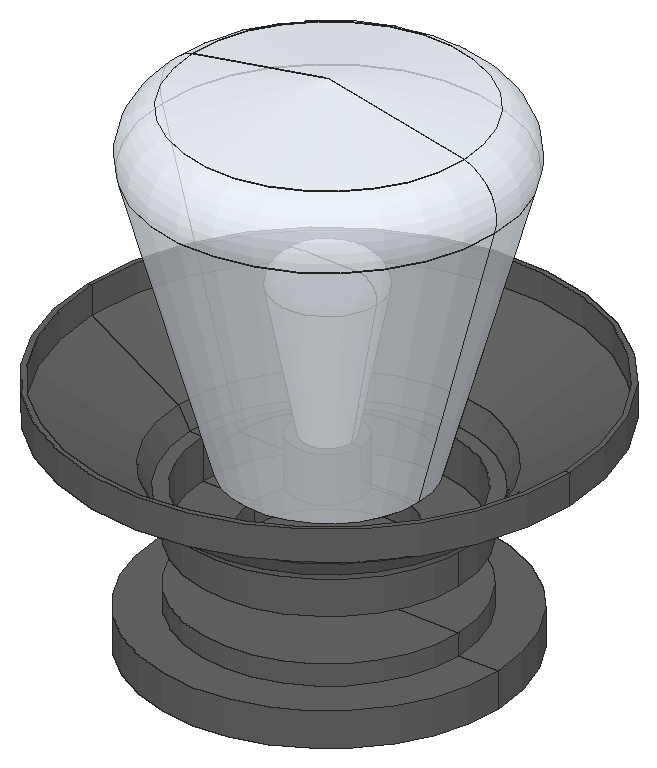
Revit family "P550094-031", category Lighting Fixtures, host Face, Revit 2021
Family settings
  Host = Face
  Round Connector Dimension = Use Diameter
  Part Type = Normal
  OmniClass Number = 23.80.70.11.14.11
  OmniClass Title = Downlights
  Cut with Voids When Loaded = No
  Light Source = Yes
  Shared = No
  Room Calculation Point = No
Parameters (values of type "P550094-031")
  Wattage Comments = "60W"
  Wattage = 100 W
  Warranty = "1 year warranty"  # constant formula
  built-in parameter 1150110 = 1 (stored number, unit not read)
  Voltage = 120 V
  built-in parameter 1114217 = 1 (stored number, unit not read)
  Tilt Angle = -90.00°  # constant formula
  built-in parameter 1150109 = 1 (stored number, unit not read)
  built-in parameter 1150134 = 3
  built-in parameter 1150113 = 1 (stored number, unit not read)
  Photometric Web File = "generic.ies"
  Housing Material = Paint - Hubbell - Textured Camera Black
  Gold = Hubbell - Gold
  Glass = Paint - Hubbell - White Texture
  Features = "Application: Welcome family and friends home with the Tremont Collection 1-Light Matte Black Clear Seeded Glass Farmhouse Outdoor Semi-Flush Mount Light ideal for any kitchen island, breakfast nook, foyer, bar, covered porch, or patio.\r\nStyles: Perfect for farmhouse, urban industrial, and transitional style settings.\r\nFinish: Mechanical stainless-steel fittings and a circular ceiling plate in a classic matte black finish offer industrial detail to the design.\r\nMaterials: Constructed from stainless steel to ensure a long product lifespan.\r\nGlass/Shades: A seeded glass shade fosters a tailor-made rustic look.\r\nBulbs: For ideal illumination, use 1 medium base bulb that is sold separately (60w max - LED/CFL/incandescent). Compatible with dimmable bulbs.\r\nDimensions: Measures 9-inch diameter by 10-inch height.\r\nCertifications: cULus damp location listed.\r\nPairs With: Pairs with a variety of Progress Lighting fixtures.\r\nWarranty: Our 1-Year Limited Warranty guarantees your complete satisfaction with your purchase and includes professional after-sales customer service support."  # constant formula
  built-in parameter 1150105 = 159.15 (stored number, unit not read)
  Lumens = 2000 lm
  built-in parameter 1150115 = 1 (stored number, unit not read)
  built-in parameter 1150137 = (empty or 0)
  built-in parameter 1150139 = (empty or 0)
  built-in parameter 1150112 = 1 (stored number, unit not read)
  built-in parameter 1150114 = 1 (stored number, unit not read)
  built-in parameter 1150132 = 2
  built-in parameter 1150102 = (empty or 0)
  built-in parameter 1150107 = 3200 (stored number, unit not read)
  built-in parameter 1150138 = (empty or 0)
  built-in parameter 1150106 = 1.5915 (stored number, unit not read)
  built-in parameter 1150104 = 1.8581 (stored number, unit not read)
  Dimming Lamp Color Temperature Shift = <None>
  Copyright = "© 2021 Progress Lighting, a division of Hubbell Lighting, Inc"  # constant formula
  Contact us = "https://www.hubbell.com/progresslighting/en/contactUs"
  Color Filter = 16777215
  Certifications = "• cCSAus certified to UL 1598\r\n• Wall Mount: Suitable for wet locations\r\n• Surface & Pendant Mount: Suitable for wet\r\nlocations under covered ceiling\r\n• Cord Mount and all Wall Wash: Suitable for\r\ndamp locations"  # constant formula
  built-in parameter 1114218 = 1 (stored number, unit not read)
  Ballast = Paint - Hubbell - Carbon Black
  URL = "https://www.hubbell.com/progresslighting/en"
  Product Page URL = "https://www.hubbell.com/progresslighting/en/Products/Lighting-Controls/Residential-Indoor-Lighting/Ceiling-Mount/Semi-Flush/Tremont-Collection-One-Light-Matte-Black-and-Clear-Seeded-Glass-Farmhouse-Style-Ceiling-Light/p/6643626"
  Product Documentation Link = "https://hubbellcdn.com/specsheet/PROG_P550094-031_spec.pdf"
  Model = "P550094-031"  # constant formula
  Manufacturer = "Progress Lighting"  # constant formula
  Lamp = "LED/CFL/incandescent"
  Reflector = Glass - Hubbell - Glass
  Description = "Tremont Collection 1-Light Matte Black Clear Seeded Glass Farmhouse SemiFlush Mount Ceiling Light"  # constant formula
  Default Elevation = 48.000"
  built-in parameter 1150133 = 10 (stored number, unit not read)
  Apparent Load = 25 VA  # constant formula
Reference planes (in)
  plane 1 "Center (Front/Back)": y = 0
  plane 2: z = 0
  plane 3 "Center (Left/Right)": x = 0
  plane 4: z = 1.375
  plane 5: z = 1.125
  plane 6: x = -1
  plane 7: y = 1
  plane 8: x = 1
  plane 9: y = -1
  plane 10: z = 0.25
  plane 11: x = 2.875
  plane 12: x = -2.875
  plane 13: x = -3.75
  plane 14: x = 3.75
  plane 15: z = 8.375
Forms (in)
  Revolve 1, solid, material "Paint - Hubbell - Carbon Black" <- "Ballast"
    sketch origin (0, 0, -5.91673) x (1, 0, 0) y (0, 0, 1)
      loop
        line (-2.43738, 5.91673) -> (0, 5.91673) -> (0, 7.36595) -> (-0.5, 7.36595) -> (-0.5, 7.10423) -> (-2.875, 7.10423) -> (-2.875, 6.66673) -> (-3.75, 6.66673) -> (-3.75, 5.91673) -> (-2.43738, 5.91673)
      axis (0, 7.36595) -> (0, 5.91673)
    angle from 0 to 360
  Revolve 2, solid, material "Paint - Hubbell - Carbon Black" <- "Ballast"
    sketch origin (0, 0, -0.625) x (1, 0, 0) y (0, 0, 1)
      loop
        line (0, 2) -> (1, 2) -> (1, 2.25) -> (1.75, 2.25) -> (1.75, 2.75) -> (2.875, 2.75) -> (2.875, 3.625) -> (3.125, 3.625) -> (3.125, 3.76334) -> (3.21068, 3.76334) -> (3.39478, 4.08222) -> (5.33933, 5.2049) -> (5.33933, 5.8549) -> (5.23933, 5.8549) -> (5.23933, 5.26264) -> (3.32158, 4.15542) -> (3.07307, 3.725) -> (2.775, 3.725) -> (2.775, 2.85) -> (1.65, 2.85) -> (1.65, 2.35) -> (1, 2.35) -> (0.93776, 2.35) -> (0.93776, 2.1) -> (0, 2.1) -> (0, 2)
      axis (0, 2) -> (0, 5.8549)
    angle from 0 to 360
  Revolve 3, solid, material "Glass - Hubbell - Glass" <- "Reflector"
    sketch origin (0, 0, -0.625) x (1, 0, 0) y (0, 0, 1)
      loop
        line (0, 4.08222) -> (2, 4.08222) -> (3.6807, 9.99761)
        arc (3.6807, 9.99761) -> (3.59461, 10.75353) -> (3.00156, 11.2301) r 1
        arc (3.00156, 11.2301) -> (1.51509, 11.58713) -> (0, 11.79099) r 14.99962
        line (0, 11.79099) -> (0, 4.08222)
      axis (0, 4.08222) -> (0, 11.79099)
    angle from 0 to 360
  Revolve 4, solid, material "Paint - Hubbell - Textured Camera Black" <- "Housing Material"
    sketch origin (-0.02873, 0.00188, 18.68727) x (-1, 0, 0) y (0, 0, -1)
      loop
        line (0, 15.56227) -> (0, 14.56227) -> (0.75333, 14.56227) -> (0.75333, 15.56227) -> (0, 15.56227)
      axis (0, 14.56227) -> (0, 15.56227)
    angle from 0 to 360
  Revolve 5, solid, material "Paint - Hubbell - White Texture"
    sketch origin (-0.02873, 0.00188, 18.68727) x (-1, 0, 0) y (0, 0, -1)
      loop
        line (0, 14.56227) -> (0, 11.12108)
        spline (0, 11.12108) -> (0.24873, 11.12009) -> (0.4349, 11.1189) -> (0.57224, 11.12023) -> (0.67446, 11.12676) -> (0.75527, 11.1412) -> (0.82586, 11.16581) -> (0.88934, 11.20149) -> (0.9472, 11.24885) -> (1.00091, 11.30855) -> (1.04864, 11.38504) -> (1.08305, 11.48914) -> (1.09627, 11.63228)
        line (1.09627, 11.63228) -> (0.52673, 14.56227) -> (0, 14.56227)
      axis (0, 11.12108) -> (0, 14.56227)
    angle from 0 to 360
  Revolve 6, solid, material "Paint - Hubbell - White Texture" <- "Glass"
    sketch origin (-0.02873, 0.00188, 18.68727) x (-1, 0, 0) y (0, 0, -1)
      loop
        line (0, 14.56227) -> (-0.14062, 14.56227) -> (-0.14062, 14.31227) -> (-0.3174, 14.13549) -> (-0.3174, 13.88549) -> (-0.0674, 13.88549) -> (-0.0674, 11.63549) -> (-0.0674, 11.44909)
        arc (-0.0674, 11.44909) -> (-0.07712, 11.42233) -> (-0.10174, 11.40803) r 0.04171
        arc (-0.10174, 11.40803) -> (-0.13207, 11.37605) -> (-0.11058, 11.33756) r 0.0372
        line (-0.11058, 11.33756) -> (0, 11.33756) -> (0, 11.43913) -> (0, 14.56227)
      axis (0, 14.56227) -> (0, 11.33756)
    angle from 0 to 360
  Revolve 7, solid, material "Hubbell - Gold" <- "Gold"
    sketch origin (-0.02873, 0.00188, 18.68727) x (-1, 0, 0) y (0, 0, -1)
      loop
        line (-0.47346, 13.71885) -> (-0.51834, 13.71885) -> (-0.66329, 11.64605) -> (-0.61841, 11.64605) -> (-0.47346, 13.71885)
      axis (-0.61862, 11.64293) -> (-0.47346, 13.71885)
    angle from 0 to 360
  Revolve 8, solid, material "Hubbell - Gold" <- "Gold"
    sketch origin (-0.02873, 0.00188, 18.68727) x (1, 0, 0) y (0, 0, 1)
      loop
        line (-0.47346, -13.71885) -> (-0.62235, -11.58959) -> (-0.66723, -11.58959) -> (-0.51834, -13.71885) -> (-0.47346, -13.71885)
      axis (-0.62257, -11.58647) -> (-0.47346, -13.71885)
    angle from 0 to 360
  Revolve 9, solid, material "Hubbell - Gold" <- "Gold"
    sketch origin (-0.02873, 0.00188, 18.68727) x (0, 1, 0) y (0, 0, -1)
      loop
        line (-0.47346, 13.71885) -> (-0.51834, 13.71885) -> (-0.66522, 11.61839) -> (-0.62034, 11.61839) -> (-0.47346, 13.71885)
      axis (-0.62056, 11.61527) -> (-0.47346, 13.71885)
    angle from 0 to 360
  Revolve 10, solid, material "Hubbell - Gold" <- "Gold"
    sketch origin (-0.02873, 0.00188, 18.68727) x (0, -1, 0) y (0, 0, 1)
      loop
        line (-0.47346, -13.71885) -> (-0.62117, -11.60654) -> (-0.66605, -11.60654) -> (-0.51834, -13.71885) -> (-0.47346, -13.71885)
      axis (-0.62139, -11.60341) -> (-0.47346, -13.71885)
    angle from 0 to 360
  Sweep 11, solid, material "Paint - Hubbell - White Texture" <- "Glass"
    path origin (-0.04531, 0.00188, 18.18727) x (-1, 0, 0) y (0, 0, -1)
      loop
        line (0.61067, 11.11484) -> (0.61067, 11.01743)
        arc (0.61067, 11.01743) -> (0.57513, 10.93163) -> (0.48933, 10.89609) r 0.12134
        line (0.48933, 10.89609) -> (0.04812, 10.89609)
    profile origin (-0.65598, 0.00188, 7.12113) x (-1, 0, 0) y (0, -1, 0)
      loop
        circle (0, 0.00095) r 0.031
  Sweep 12, solid, material "Paint - Hubbell - White Texture" <- "Glass"
    path origin (-0.01216, 0.00188, 18.18727) x (1, 0, 0) y (0, 0, 1)
      loop
        line (0.61067, -11.11484) -> (0.61067, -11.01743)
        arc (0.61067, -11.01743) -> (0.57513, -10.93163) -> (0.48933, -10.89609) r 0.12134
        line (0.48933, -10.89609) -> (0.04812, -10.89609)
    profile origin (0.59851, 0.00188, 7.12113) x (-1, 0, 0) y (0, -1, 0)
      loop
        circle (0, 0.00095) r 0.031
  Sweep 13, solid, material "Paint - Hubbell - White Texture" <- "Glass"
    path origin (-0.02968, -0.01564, 18.18727) x (0, -1, 0) y (0, 0, -1)
      loop
        line (0.61067, 11.11484) -> (0.61067, 11.01743)
        arc (0.61067, 11.01743) -> (0.57513, 10.93163) -> (0.48933, 10.89609) r 0.12134
        line (0.48933, 10.89609) -> (0.04812, 10.89609)
    profile origin (-0.02968, -0.62631, 7.12113) x (0, -1, 0) y (1, 0, 0)
      loop
        circle (0, 0.00095) r 0.031
  Sweep 14, solid, material "Paint - Hubbell - White Texture" <- "Glass"
    path origin (-0.02968, 0.0175, 18.18727) x (0, 1, 0) y (0, 0, 1)
      loop
        line (0.61067, -11.11484) -> (0.61067, -11.01743)
        arc (0.61067, -11.01743) -> (0.57513, -10.93163) -> (0.48933, -10.89609) r 0.12134
        line (0.48933, -10.89609) -> (0.04812, -10.89609)
    profile origin (-0.02968, 0.62817, 7.12113) x (0, -1, 0) y (1, 0, 0)
      loop
        circle (0, 0.00095) r 0.031
  Sweep 15, solid, material "Paint - Hubbell - White Texture" <- "Glass"
    path origin (-0.04531, 0.00188, 37.92152) x (-1, 0, 0) y (0, 0, -1)
      loop
        line (0.45442, 32.88516) -> (0.45442, 32.98257)
        arc (0.45442, 32.98257) -> (0.41888, 33.06837) -> (0.33308, 33.10391) r 0.12134
        line (0.33308, 33.10391) -> (0.04812, 33.10391)
    profile origin (-0.49973, 0.00188, 4.98766) x (0, -1, 0) y (1, 0, 0)
      loop
        circle (0.00095, 0) r 0.031
  Sweep 16, solid, material "Paint - Hubbell - White Texture" <- "Glass"
    path origin (-0.01216, 0.00188, 37.92152) x (1, 0, 0) y (0, 0, 1)
      loop
        line (0.45442, -32.88516) -> (0.45442, -32.98257)
        arc (0.45442, -32.98257) -> (0.41888, -33.06837) -> (0.33308, -33.10391) r 0.12134
        line (0.33308, -33.10391) -> (0.04812, -33.10391)
    profile origin (0.44226, 0.00188, 4.98766) x (0, -1, 0) y (1, 0, 0)
      loop
        circle (0.00095, 0) r 0.031
  Sweep 17, solid, material "Paint - Hubbell - White Texture" <- "Glass"
    path origin (-0.02968, -0.01564, 37.92152) x (0, -1, 0) y (0, 0, -1)
      loop
        line (0.45442, 32.88516) -> (0.45442, 32.98257)
        arc (0.45442, 32.98257) -> (0.41888, 33.06837) -> (0.33308, 33.10391) r 0.12134
        line (0.33308, 33.10391) -> (0.04812, 33.10391)
    profile origin (-0.02968, -0.47006, 4.98766) x (1, 0, 0) y (0, 1, 0)
      loop
        circle (0.00095, 0) r 0.031
  Sweep 18, solid, material "Paint - Hubbell - White Texture" <- "Glass"
    path origin (-0.02968, 0.0175, 37.92152) x (0, 1, 0) y (0, 0, 1)
      loop
        line (0.45442, -32.88516) -> (0.45442, -32.98257)
        arc (0.45442, -32.98257) -> (0.41888, -33.06837) -> (0.33308, -33.10391) r 0.12134
        line (0.33308, -33.10391) -> (0.04812, -33.10391)
    profile origin (-0.02968, 0.47192, 4.98766) x (1, 0, 0) y (0, 1, 0)
      loop
        circle (0.00095, 0) r 0.031
Dimensions and locks (in)
  plane 4 to host face = 1.375"
  locked: plane 4 to plane 5 at 0.25
  plane 6 to plane 3 "Center (Left/Right)" to plane 8 = 1.000" locked, 1.000" locked
  plane 7 to plane 1 "Center (Front/Back)" to plane 9 = 1.000" locked, 1.000" locked
  locked: plane 10 to level at 0.25
  locked: plane 15 to plane 4 at 7
  aligned and locked: plane 2 to host face
  aligned and locked: plane 3 "Center (Left/Right)" to imposter light
  aligned and locked: imposter light to plane 15
Connectors (in)
  electrical at (0, 0, 0), driven by "Description", driven by "Voltage", driven by "Apparent Load"
    settings: index 1, voltage 120 V, apparent load 25 VA, apparent load phase1 0 VA, apparent load phase2 0 VA, apparent load phase3 0 VA, power factor 1, load classification "Other", number of poles 1, system type 30, power factor state 1, is connector primary yes, connector utility no, sub classification motor no, connector description "Tremont Collection 1-Light Matte Black Clear Seeded Glass Farmhouse SemiFlush Mount Ceiling Light"
